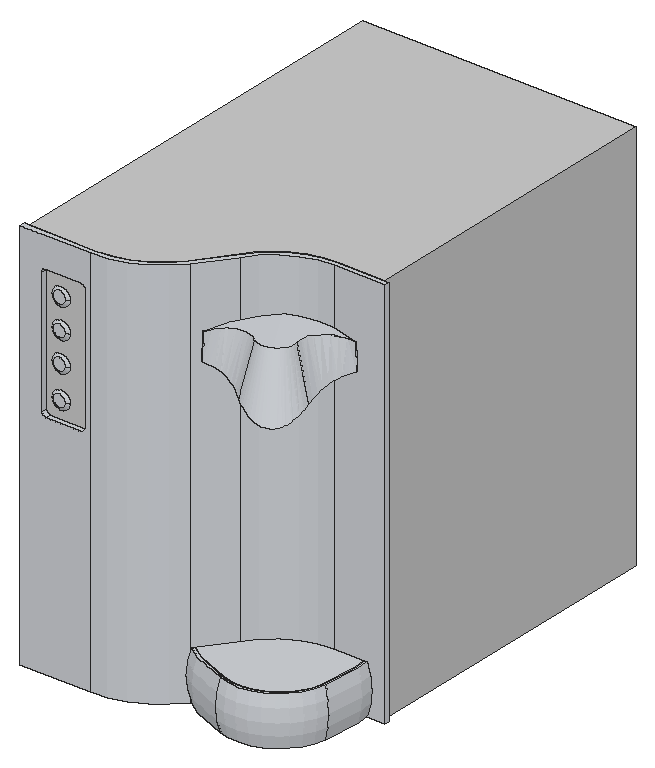
Revit family "DSWH160UVPC", category Plumbing Fixtures, Revit 2019
Family settings
  Round Connector Dimension = Use Diameter
  Part Type = Normal
  OmniClass Number = 23.45.00.00
  OmniClass Title = Sanitary, Laundry, and Cleaning Equipment
  Work Plane-Based = No
  Always vertical = Yes
  Cut with Voids When Loaded = No
  Shared = No
  Room Calculation Point = No
Parameters
  Volts/Herts = "115V/60Hz"
  Refrigerant Gas = "R134a"
  Power Consumption = "1350 W"
  Model = "DSWH160UVPC"
  Manufacturer = "ELKAY"
  Hot Water Tank Capacity = ".265 gallons"
  Heater Rating = "1000 W"
  Filters = "WSF6000R"
  Description = "BLUBAR COUNTERTOP"
  Cooling Capacity = "4.0 GPH"
  BODY = Metal - Stainless Steel
Reference planes
  plane 1 "Center (Front/Back)": y = 0
  plane 2: z = 0
  plane 3 "Center (Left/Right)": x = 0
Forms (mm)
  Extrusion 1, solid, material "Metal - Stainless Steel" <- "BODY"
    sketch origin (0, 0, 0) x (1, 0, 0) y (0, 1, 0)
      loop
        line (-158.75, 394.1) -> (-158.75, -91.675) -> (-82.55, -91.675)
        arc (-82.55, -91.675) -> (-38.676, -81.356) -> (-4.002, -52.56) r 98.425
        line (-4.002, -52.56) -> (32.388, -4.366)
        arc (32.388, -4.366) -> (64.927, 20.239) -> (104.775, 28.975) r 95.25
        line (104.775, 28.975) -> (158.75, 28.975) -> (158.75, 394.1) -> (-158.75, 394.1)
    from 9.525 to 466.725
  Extrusion 2, solid
    sketch origin (0, 0, 0) x (1, 0, 0) y (0, 1, 0)
      loop
        line (-82.55, -91.675) -> (-164.53, -91.675) -> (-164.53, -98.025) -> (-82.55, -98.025)
        arc (-82.55, -98.025) -> (-35.845, -87.04) -> (1.066, -56.387) r 104.775
        line (1.066, -56.387) -> (28.819, -19.632)
        arc (28.819, -19.632) -> (61.315, 11.35) -> (104.775, 22.625) r 89.394
        line (104.775, 22.625) -> (163.502, 22.625) -> (163.502, 28.975) -> (104.775, 28.975)
        arc (104.775, 28.975) -> (58.357, 16.97) -> (23.579, -16.033) r 95.744
        line (23.579, -16.033) -> (-4.002, -52.56)
        arc (-4.002, -52.56) -> (-38.676, -81.356) -> (-82.55, -91.675) r 98.425
    from 8.715 to 466.725
  Extrusion 3, solid
    sketch origin (0, 0, 0) x (1, 0, 0) y (0, 1, 0)
      loop
        circle (-120.65, 359.175) r 19.05
      loop
        circle (120.65, 359.175) r 19.05
      loop
        circle (-120.65, 92.475) r 19.05
      loop
        circle (120.65, 92.475) r 19.05
      loop
        circle (-26.357, -1.818) r 19.05
      loop
        circle (86.549, -35.03) r 19.05
    from 0 to 9.525
  Extrusion 4, void
    sketch origin (0, 0, 0) x (1, 0, 0) y (0, 0, 1)
      loop
        arc (-139.13, 281.598) -> (-137.735, 278.23) -> (-134.368, 276.835) r 4.763
        line (-134.368, 276.835) -> (-93.093, 276.835)
        arc (-93.093, 276.835) -> (-89.725, 278.23) -> (-88.33, 281.598) r 4.763
        line (-88.33, 281.598) -> (-88.33, 427.038)
        arc (-88.33, 427.038) -> (-89.725, 430.405) -> (-93.093, 431.8) r 4.763
        line (-93.093, 431.8) -> (-134.368, 431.8)
        arc (-134.368, 431.8) -> (-137.735, 430.405) -> (-139.13, 427.038) r 4.763
        line (-139.13, 427.038) -> (-139.13, 281.598)
    from 91.675 to 126.767
  Blend 5, solid
    base sketch origin (-83.096, -91.675, -1.055) x (-1, 0, 0) y (0, 0, 1)
      loop
        circle (38.654, 405.868) r 10.36
    top sketch origin (-83.096, -91.675, -1.055) x (-1, 0, 0) y (0, 0, 1)
      loop
        circle (38.654, 405.868) r 7.216
    from 0 to -2.34
  Blend 6, solid
    base sketch origin (-83.096, -91.675, -35.98) x (-1, 0, 0) y (0, 0, 1)
      loop
        circle (38.654, 405.868) r 10.36
    top sketch origin (-83.096, -91.675, -35.98) x (-1, 0, 0) y (0, 0, 1)
      loop
        circle (38.654, 405.868) r 7.216
    from 0 to -2.34
  Blend 7, solid
    base sketch origin (-83.096, -91.675, -70.905) x (-1, 0, 0) y (0, 0, 1)
      loop
        circle (38.654, 405.868) r 10.36
    top sketch origin (-83.096, -91.675, -70.905) x (-1, 0, 0) y (0, 0, 1)
      loop
        circle (38.654, 405.868) r 7.216
    from 0 to -2.34
  Blend 8, solid
    base sketch origin (-83.096, -91.675, -109.005) x (-1, 0, 0) y (0, 0, 1)
      loop
        circle (38.654, 405.868) r 10.36
    top sketch origin (-83.096, -91.675, -109.005) x (-1, 0, 0) y (0, 0, 1)
      loop
        circle (38.654, 405.868) r 7.216
    from 0 to -2.34
  Extrusion 9, solid
    sketch origin (0, 0, 21.415) x (1, 0, 0) y (0, 1, 0)
      loop
        arc (-45.985, -10.631) -> (1.532, -53.742) -> (59.303, -81.649) r 224.452
        arc (59.303, -81.649) -> (109.119, -75.782) -> (137.686, -34.552) r 60.985
        arc (137.686, -34.552) -> (140.168, 29.559) -> (124.411, 91.752) r 224.452
        line (124.411, 91.752) -> (-45.985, -10.631)
    from -11.89 to 45.26
  Sweep 10, solid
    path in 3D
      loop
        arc (124.411, 91.752, 66.675) -> (140.168, 29.559, 66.675) -> (137.686, -34.552, 66.675) r 224.452
        arc (137.686, -34.552, 66.675) -> (109.119, -75.782, 66.675) -> (59.303, -81.649, 66.675) r 60.985
        arc (59.303, -81.649, 66.675) -> (1.532, -53.742, 66.675) -> (-45.985, -10.631, 66.675) r 224.452
    profile origin (140.168, 29.559, 66.675) x (0.994522, 0.104528, 0) y (0, 0, 1)
      loop
        line (0, 0) -> (0, -57.15) -> (3.168, -57.15)
        arc (3.168, -57.15) -> (8.508, -28.575) -> (3.168, 0) r 79.134
        line (3.168, 0) -> (0, 0)
  Blend 11, solid
    base sketch origin (-377.137, -269.624, 315.759) x (0.857167, 0.515038, 0) y (-0.515038, 0.857167, 0)
      loop
        arc (442.871, -13.336) -> (461.324, -34.706) -> (474.865, -59.48) r 133.396
        arc (474.865, -59.48) -> (515.463, -84.29) -> (556.061, -59.48) r 45.621
        arc (556.061, -59.48) -> (569.602, -34.706) -> (588.055, -13.336) r 133.396
        arc (588.055, -13.336) -> (604.097, 12.451) -> (615.595, 40.561) r 180.728
        line (615.595, 40.561) -> (415.33, 40.561)
        arc (415.33, 40.561) -> (426.829, 12.451) -> (442.871, -13.336) r 180.728
    top sketch origin (-377.137, -269.624, 315.759) x (0.857167, 0.515038, 0) y (-0.515038, 0.857167, 0)
      loop
        arc (422.348, 60.556) -> (431.284, 23.545) -> (446.52, -11.348) r 218.102
        arc (446.52, -11.348) -> (477.614, -12.152) -> (498.245, -35.431) r 39.027
        arc (498.245, -35.431) -> (515.463, -47.926) -> (532.681, -35.431) r 18.111
        arc (532.681, -35.431) -> (553.312, -12.152) -> (584.406, -11.348) r 39.027
        arc (584.406, -11.348) -> (599.642, 23.545) -> (608.578, 60.556) r 218.102
        line (608.578, 60.556) -> (422.348, 60.556)
    from 0 to 96.483
  Extrusion 12, void
    sketch origin (-210.104, -154.339, -52.388) x (0.857167, 0.515038, 0) y (0, 0, 1)
      loop
        arc (218.525, 440.801) -> (312.912, 458.28) -> (407.298, 440.801) r 263.582
        line (407.298, 440.801) -> (421.725, 440.801) -> (421.725, 495.409) -> (199.475, 495.409) -> (199.475, 440.801) -> (218.525, 440.801)
    from -80.4 to 85.544
  Extrusion 13, void
    sketch origin (-210.104, -154.339, -25.375) x (0.857167, 0.515038, 0) y (0, 0, 1)
      loop
        line (199.936, 391.215) -> (199.936, 309.923) -> (425.887, 309.923) -> (425.887, 391.215)
        arc (425.887, 391.215) -> (377.864, 389.487) -> (334.536, 368.704) r 117.662
        arc (334.536, 368.704) -> (324.323, 363.373) -> (312.912, 361.796) r 33.682
        arc (312.912, 361.796) -> (301.5, 363.373) -> (291.287, 368.704) r 33.682
        arc (291.287, 368.704) -> (247.96, 389.487) -> (199.936, 391.215) r 117.662
    from -47.766 to 133.302
Cuts and joins
  Extrusion 4 cuts Extrusion 1
  Extrusion 4 cuts Extrusion 2
  Extrusion 12, Extrusion 13 cuts Blend 11
Lines and regions (mm)
  reference lines
    curve 1: line (0, 408.451, 0) -> (0, -442.449, 0)
    curve 2: line (0, 408.451, 9.525) -> (0, -442.449, 9.525)
    curve 3: line (-349.25, 0, 442.722) -> (361.95, 0, 442.722)
    curve 4: line (-59.652, 0, 399.542) -> (-59.652, 0, 609.092)
    curve 5: line (60.236, 0, 386.842) -> (60.236, 0, 609.092)
    curve 6: line (0, -74.149, 488.442) -> (0, -74.149, 551.942)
    curve 7: line (0, 408.451, 501.904) -> (0, -442.449, 501.904)
    curve 188: line (41.605, 34.297, 66.675) -> (103.744, -69.12, 66.675)
  model lines
    curve 8: line (-129.477, -91.675, 419.1) -> (-97.984, -91.675, 419.1)
    curve 9: line (-134.239, -91.675, 395.288) -> (-134.239, -91.675, 414.338)
    curve 10: line (-97.984, -91.675, 390.525) -> (-129.477, -91.675, 390.525)
    curve 11: line (-93.221, -91.675, 414.338) -> (-93.221, -91.675, 395.288)
    curve 12: arc (-134.239, -91.675, 414.338) -> (-132.845, -91.675, 417.705) -> (-129.477, -91.675, 419.1) r 4.763
    curve 13: arc (-97.984, -91.675, 419.1) -> (-94.616, -91.675, 417.705) -> (-93.221, -91.675, 414.338) r 4.763
    curve 14: arc (-129.477, -91.675, 390.525) -> (-132.845, -91.675, 391.92) -> (-134.239, -91.675, 395.288) r 4.763
    curve 15: arc (-93.221, -91.675, 395.288) -> (-94.616, -91.675, 391.92) -> (-97.984, -91.675, 390.525) r 4.763
    curve 16: line (-129.477, -91.675, 384.175) -> (-97.984, -91.675, 384.175)
    curve 17: line (-134.239, -91.675, 360.363) -> (-134.239, -91.675, 379.413)
    curve 18: line (-97.984, -91.675, 355.6) -> (-129.477, -91.675, 355.6)
    curve 19: line (-93.221, -91.675, 379.413) -> (-93.221, -91.675, 360.363)
    curve 20: arc (-134.239, -91.675, 379.413) -> (-132.845, -91.675, 382.78) -> (-129.477, -91.675, 384.175) r 4.763
    curve 21: arc (-97.984, -91.675, 384.175) -> (-94.616, -91.675, 382.78) -> (-93.221, -91.675, 379.413) r 4.763
    curve 22: arc (-129.477, -91.675, 355.6) -> (-132.845, -91.675, 356.995) -> (-134.239, -91.675, 360.363) r 4.763
    curve 23: arc (-93.221, -91.675, 360.363) -> (-94.616, -91.675, 356.995) -> (-97.984, -91.675, 355.6) r 4.763
    curve 24: line (-129.477, -91.675, 349.25) -> (-97.984, -91.675, 349.25)
    curve 25: line (-134.239, -91.675, 309.563) -> (-134.239, -91.675, 344.488)
    curve 26: line (-97.984, -91.675, 320.675) -> (-121.037, -91.675, 320.675)
    curve 27: line (-93.221, -91.675, 344.488) -> (-93.221, -91.675, 325.438)
    curve 28: arc (-134.239, -91.675, 344.488) -> (-132.845, -91.675, 347.855) -> (-129.477, -91.675, 349.25) r 4.763
    curve 29: arc (-97.984, -91.675, 349.25) -> (-94.616, -91.675, 347.855) -> (-93.221, -91.675, 344.488) r 4.763
    curve 30: arc (-93.221, -91.675, 325.438) -> (-94.616, -91.675, 322.07) -> (-97.984, -91.675, 320.675) r 4.763
    curve 31: line (-121.037, -91.675, 311.15) -> (-97.984, -91.675, 311.15)
    curve 32: line (-134.239, -91.675, 287.338) -> (-134.239, -91.675, 309.563)
    curve 33: line (-97.984, -91.675, 282.575) -> (-129.477, -91.675, 282.575)
    curve 34: line (-93.221, -91.675, 306.388) -> (-93.221, -91.675, 287.338)
    curve 35: arc (-97.984, -91.675, 311.15) -> (-94.616, -91.675, 309.755) -> (-93.221, -91.675, 306.388) r 4.763
    curve 36: arc (-129.477, -91.675, 282.575) -> (-132.845, -91.675, 283.97) -> (-134.239, -91.675, 287.338) r 4.763
    curve 37: arc (-93.221, -91.675, 287.338) -> (-94.616, -91.675, 283.97) -> (-97.984, -91.675, 282.575) r 4.763
    curve 38: line (-124.212, -91.675, 317.5) -> (-124.212, -91.675, 314.325)
    curve 39: line (-129.477, -91.675, 282.575) -> (-97.984, -91.675, 282.575)
    curve 40: arc (-121.037, -91.675, 320.675) -> (-123.282, -91.675, 319.745) -> (-124.212, -91.675, 317.5) r 3.175
    curve 41: arc (-124.212, -91.675, 314.325) -> (-123.282, -91.675, 312.08) -> (-121.037, -91.675, 311.15) r 3.175
    curve 42: line (-104.43, -91.675, 411.163) -> (-101.255, -91.675, 411.163)
    curve 43: line (-109.193, -91.675, 403.225) -> (-109.193, -91.675, 406.4)
    curve 44: line (-101.255, -91.675, 398.463) -> (-104.43, -91.675, 398.463)
    curve 45: line (-96.493, -91.675, 406.4) -> (-96.493, -91.675, 403.225)
    curve 46: arc (-109.193, -91.675, 406.4) -> (-107.798, -91.675, 409.768) -> (-104.43, -91.675, 411.163) r 4.763
    curve 47: arc (-101.255, -91.675, 411.163) -> (-97.888, -91.675, 409.768) -> (-96.493, -91.675, 406.4) r 4.763
    curve 48: arc (-104.43, -91.675, 398.463) -> (-107.798, -91.675, 399.857) -> (-109.193, -91.675, 403.225) r 4.763
    curve 49: arc (-96.493, -91.675, 403.225) -> (-97.888, -91.675, 399.857) -> (-101.255, -91.675, 398.463) r 4.763
    curve 50: line (-104.43, -91.675, 410.369) -> (-101.255, -91.675, 410.369)
    curve 51: arc (-108.399, -91.675, 406.4) -> (-107.236, -91.675, 409.206) -> (-104.43, -91.675, 410.369) r 3.969
    curve 52: line (-108.399, -91.675, 403.225) -> (-108.399, -91.675, 406.4)
    curve 53: arc (-104.43, -91.675, 399.256) -> (-107.236, -91.675, 400.419) -> (-108.399, -91.675, 403.225) r 3.969
    curve 54: line (-101.255, -91.675, 399.256) -> (-104.43, -91.675, 399.256)
    curve 55: arc (-97.286, -91.675, 403.225) -> (-98.449, -91.675, 400.419) -> (-101.255, -91.675, 399.256) r 3.969
    curve 56: line (-97.286, -91.675, 406.4) -> (-97.286, -91.675, 403.225)
    curve 57: arc (-101.255, -91.675, 410.369) -> (-98.449, -91.675, 409.206) -> (-97.286, -91.675, 406.4) r 3.969
    curve 58: line (-129.477, -91.675, 418.306) -> (-97.984, -91.675, 418.306)
    curve 59: arc (-133.446, -91.675, 414.338) -> (-132.283, -91.675, 417.144) -> (-129.477, -91.675, 418.306) r 3.969
    curve 60: line (-133.446, -91.675, 395.288) -> (-133.446, -91.675, 414.338)
    curve 61: arc (-129.477, -91.675, 391.319) -> (-132.283, -91.675, 392.481) -> (-133.446, -91.675, 395.288) r 3.969
    curve 62: line (-97.984, -91.675, 391.319) -> (-129.477, -91.675, 391.319)
    curve 63: arc (-94.015, -91.675, 395.288) -> (-95.177, -91.675, 392.481) -> (-97.984, -91.675, 391.319) r 3.969
    curve 64: line (-94.015, -91.675, 414.338) -> (-94.015, -91.675, 395.288)
    curve 65: arc (-97.984, -91.675, 418.306) -> (-95.177, -91.675, 417.144) -> (-94.015, -91.675, 414.338) r 3.969
    curve 66: line (-129.477, -91.675, 383.381) -> (-97.984, -91.675, 383.381)
    curve 67: arc (-133.446, -91.675, 379.413) -> (-132.283, -91.675, 382.219) -> (-129.477, -91.675, 383.381) r 3.969
    curve 68: line (-133.446, -91.675, 360.363) -> (-133.446, -91.675, 379.413)
    curve 69: arc (-129.477, -91.675, 356.394) -> (-132.283, -91.675, 357.556) -> (-133.446, -91.675, 360.363) r 3.969
    curve 70: line (-97.984, -91.675, 356.394) -> (-129.477, -91.675, 356.394)
    curve 71: arc (-94.015, -91.675, 360.363) -> (-95.177, -91.675, 357.556) -> (-97.984, -91.675, 356.394) r 3.969
    curve 72: line (-94.015, -91.675, 379.413) -> (-94.015, -91.675, 360.363)
    curve 73: arc (-97.984, -91.675, 383.381) -> (-95.177, -91.675, 382.219) -> (-94.015, -91.675, 379.413) r 3.969
    curve 74: line (-129.477, -91.675, 348.456) -> (-97.984, -91.675, 348.456)
    curve 75: arc (-133.446, -91.675, 344.488) -> (-132.283, -91.675, 347.294) -> (-129.477, -91.675, 348.456) r 3.969
    curve 76: line (-133.446, -91.675, 309.563) -> (-133.446, -91.675, 344.488)
    curve 77: arc (-97.984, -91.675, 348.456) -> (-95.177, -91.675, 347.294) -> (-94.015, -91.675, 344.488) r 3.969
    curve 78: line (-94.015, -91.675, 344.488) -> (-94.015, -91.675, 325.438)
    curve 79: arc (-94.015, -91.675, 325.438) -> (-95.177, -91.675, 322.631) -> (-97.984, -91.675, 321.469) r 3.969
    curve 80: line (-97.984, -91.675, 321.469) -> (-121.037, -91.675, 321.469)
    curve 81: arc (-121.037, -91.675, 321.469) -> (-123.844, -91.675, 320.306) -> (-125.006, -91.675, 317.5) r 3.969
    curve 82: line (-125.006, -91.675, 317.5) -> (-125.006, -91.675, 314.325)
    curve 83: arc (-125.006, -91.675, 314.325) -> (-123.844, -91.675, 311.519) -> (-121.037, -91.675, 310.356) r 3.969
    curve 84: line (-121.037, -91.675, 310.356) -> (-97.984, -91.675, 310.356)
    curve 85: arc (-97.984, -91.675, 310.356) -> (-95.177, -91.675, 309.194) -> (-94.015, -91.675, 306.388) r 3.969
    curve 86: line (-94.015, -91.675, 306.388) -> (-94.015, -91.675, 287.338)
    curve 87: arc (-94.015, -91.675, 287.338) -> (-95.177, -91.675, 284.531) -> (-97.984, -91.675, 283.369) r 3.969
    curve 88: line (-129.477, -91.675, 283.369) -> (-97.984, -91.675, 283.369)
    curve 89: line (-133.446, -91.675, 287.338) -> (-133.446, -91.675, 309.563)
    curve 90: arc (-129.477, -91.675, 283.369) -> (-132.283, -91.675, 284.531) -> (-133.446, -91.675, 287.338) r 3.969
    curve 91: line (-104.43, -91.675, 376.238) -> (-101.255, -91.675, 376.238)
    curve 92: line (-109.193, -91.675, 368.3) -> (-109.193, -91.675, 371.475)
    curve 93: line (-101.255, -91.675, 363.538) -> (-104.43, -91.675, 363.538)
    curve 94: line (-96.493, -91.675, 371.475) -> (-96.493, -91.675, 368.3)
    curve 95: arc (-109.193, -91.675, 371.475) -> (-107.798, -91.675, 374.843) -> (-104.43, -91.675, 376.238) r 4.763
    curve 96: arc (-101.255, -91.675, 376.238) -> (-97.888, -91.675, 374.843) -> (-96.493, -91.675, 371.475) r 4.763
    curve 97: arc (-104.43, -91.675, 363.538) -> (-107.798, -91.675, 364.932) -> (-109.193, -91.675, 368.3) r 4.763
    curve 98: arc (-96.493, -91.675, 368.3) -> (-97.888, -91.675, 364.932) -> (-101.255, -91.675, 363.538) r 4.763
    curve 99: line (-104.43, -91.675, 375.444) -> (-101.255, -91.675, 375.444)
    curve 100: arc (-108.399, -91.675, 371.475) -> (-107.236, -91.675, 374.281) -> (-104.43, -91.675, 375.444) r 3.969
    curve 101: line (-108.399, -91.675, 368.3) -> (-108.399, -91.675, 371.475)
    curve 102: arc (-104.43, -91.675, 364.331) -> (-107.236, -91.675, 365.494) -> (-108.399, -91.675, 368.3) r 3.969
    curve 103: line (-101.255, -91.675, 364.331) -> (-104.43, -91.675, 364.331)
    curve 104: arc (-97.286, -91.675, 368.3) -> (-98.449, -91.675, 365.494) -> (-101.255, -91.675, 364.331) r 3.969
    curve 105: line (-97.286, -91.675, 371.475) -> (-97.286, -91.675, 368.3)
    curve 106: arc (-101.255, -91.675, 375.444) -> (-98.449, -91.675, 374.281) -> (-97.286, -91.675, 371.475) r 3.969
    curve 107: line (-104.43, -91.675, 341.313) -> (-101.255, -91.675, 341.313)
    curve 108: line (-109.193, -91.675, 333.375) -> (-109.193, -91.675, 336.55)
    curve 109: line (-101.255, -91.675, 328.613) -> (-104.43, -91.675, 328.613)
    curve 110: line (-96.493, -91.675, 336.55) -> (-96.493, -91.675, 333.375)
    curve 111: arc (-109.193, -91.675, 336.55) -> (-107.798, -91.675, 339.918) -> (-104.43, -91.675, 341.313) r 4.763
    curve 112: arc (-101.255, -91.675, 341.313) -> (-97.888, -91.675, 339.918) -> (-96.493, -91.675, 336.55) r 4.763
    curve 113: arc (-104.43, -91.675, 328.613) -> (-107.798, -91.675, 330.007) -> (-109.193, -91.675, 333.375) r 4.763
    curve 114: arc (-96.493, -91.675, 333.375) -> (-97.888, -91.675, 330.007) -> (-101.255, -91.675, 328.613) r 4.763
    curve 115: line (-104.43, -91.675, 340.519) -> (-101.255, -91.675, 340.519)
    curve 116: arc (-108.399, -91.675, 336.55) -> (-107.236, -91.675, 339.356) -> (-104.43, -91.675, 340.519) r 3.969
    curve 117: line (-108.399, -91.675, 333.375) -> (-108.399, -91.675, 336.55)
    curve 118: arc (-104.43, -91.675, 329.406) -> (-107.236, -91.675, 330.569) -> (-108.399, -91.675, 333.375) r 3.969
    curve 119: line (-101.255, -91.675, 329.406) -> (-104.43, -91.675, 329.406)
    curve 120: arc (-97.286, -91.675, 333.375) -> (-98.449, -91.675, 330.569) -> (-101.255, -91.675, 329.406) r 3.969
    curve 121: line (-97.286, -91.675, 336.55) -> (-97.286, -91.675, 333.375)
    curve 122: arc (-101.255, -91.675, 340.519) -> (-98.449, -91.675, 339.356) -> (-97.286, -91.675, 336.55) r 3.969
    curve 123: line (-104.43, -91.675, 303.213) -> (-101.255, -91.675, 303.213)
    curve 124: line (-109.193, -91.675, 295.275) -> (-109.193, -91.675, 298.45)
    curve 125: line (-101.255, -91.675, 290.513) -> (-104.43, -91.675, 290.513)
    curve 126: line (-96.493, -91.675, 298.45) -> (-96.493, -91.675, 295.275)
    curve 127: arc (-109.193, -91.675, 298.45) -> (-107.798, -91.675, 301.818) -> (-104.43, -91.675, 303.213) r 4.763
    curve 128: arc (-101.255, -91.675, 303.213) -> (-97.888, -91.675, 301.818) -> (-96.493, -91.675, 298.45) r 4.763
    curve 129: arc (-104.43, -91.675, 290.513) -> (-107.798, -91.675, 291.907) -> (-109.193, -91.675, 295.275) r 4.763
    curve 130: arc (-96.493, -91.675, 295.275) -> (-97.888, -91.675, 291.907) -> (-101.255, -91.675, 290.513) r 4.763
    curve 131: line (-104.43, -91.675, 302.419) -> (-101.255, -91.675, 302.419)
    curve 132: arc (-108.399, -91.675, 298.45) -> (-107.236, -91.675, 301.256) -> (-104.43, -91.675, 302.419) r 3.969
    curve 133: line (-108.399, -91.675, 295.275) -> (-108.399, -91.675, 298.45)
    curve 134: arc (-104.43, -91.675, 291.306) -> (-107.236, -91.675, 292.469) -> (-108.399, -91.675, 295.275) r 3.969
    curve 135: line (-101.255, -91.675, 291.306) -> (-104.43, -91.675, 291.306)
    curve 136: arc (-97.286, -91.675, 295.275) -> (-98.449, -91.675, 292.469) -> (-101.255, -91.675, 291.306) r 3.969
    curve 137: line (-97.286, -91.675, 298.45) -> (-97.286, -91.675, 295.275)
    curve 138: arc (-101.255, -91.675, 302.419) -> (-98.449, -91.675, 301.256) -> (-97.286, -91.675, 298.45) r 3.969
    curve 142: circle (117.014, 6.312, 66.675) r 4.333 normal (0, 0, 1)
    curve 143: circle (100.911, 0, 66.675) r 8.37 normal (0, 0, 1)
    curve 144: circle (113.346, -9.758, 66.675) r 4.926 normal (0, 0, 1)
    curve 145: circle (88.788, -16.551, 66.675) r 4.516 normal (0, 0, 1)
    curve 146: circle (100.238, -22.195, 66.675) r 6.35 normal (0, 0, 1)
    curve 147: circle (71.332, -18.253, 66.675) r 6.35 normal (0, 0, 1)
    curve 148: circle (77.278, 0, 66.675) r 6.35 normal (0, 0, 1)
    curve 149: circle (80.272, -30.095, 66.675) r 6.35 normal (0, 0, 1)
    curve 150: circle (59.676, -29.239, 66.675) r 6.35 normal (0, 0, 1)
    curve 151: circle (43.483, -31.135, 66.675) r 1.831 normal (0, 0, 1)
    curve 152: circle (54.52, -39.758, 66.675) r 3.695 normal (0, 0, 1)
    curve 153: circle (69.384, -36.625, 66.675) r 4.105 normal (0, 0, 1)
    curve 154: circle (59.936, -6.857, 66.675) r 3.695 normal (0, 0, 1)
    curve 155: circle (107.092, -41.821, 66.675) r 6.35 normal (0, 0, 1)
    curve 156: circle (85.503, -42.294, 66.675) r 6.35 normal (0, 0, 1)
    curve 157: circle (98.88, -33.609, 66.675) r 3.695 normal (0, 0, 1)
    curve 158: circle (117.539, -22.66, 66.675) r 6.35 normal (0, 0, 1)
    curve 159: circle (128.018, -1.789, 66.675) r 6.35 normal (0, 0, 1)
    curve 160: circle (66.207, -50.864, 66.675) r 6.35 normal (0, 0, 1)
    curve 161: circle (47.59, -53.727, 66.675) r 6.35 normal (0, 0, 1)
    curve 162: circle (33.225, -48.652, 66.675) r 6.35 normal (0, 0, 1)
    curve 163: circle (83.968, -59.917, 66.675) r 6.35 normal (0, 0, 1)
    curve 164: circle (99.961, -57.332, 66.675) r 6.35 normal (0, 0, 1)
    curve 165: circle (124.581, -38.41, 66.675) r 6.35 normal (0, 0, 1)
    curve 166: circle (67.865, -65.294, 66.675) r 6.35 normal (0, 0, 1)
    curve 167: circle (79.785, -73.15, 66.675) r 4.926 normal (0, 0, 1)
    curve 168: circle (93.108, -70.218, 66.675) r 6.35 normal (0, 0, 1)
    curve 169: circle (116.264, -50.413, 66.675) r 4.926 normal (0, 0, 1)
    curve 170: circle (108.619, -63.087, 66.675) r 2.463 normal (0, 0, 1)
    curve 171: circle (110.176, 14.892, 66.675) r 3.284 normal (0, 0, 1)
    curve 172: circle (124.203, -13.649, 66.675) r 3.284 normal (0, 0, 1)
    curve 173: circle (128.138, -25.132, 66.675) r 3.695 normal (0, 0, 1)
    curve 174: circle (108.796, -28.891, 66.675) r 2.485 normal (0, 0, 1)
    curve 175: circle (97.401, -41.59, 66.675) r 1.952 normal (0, 0, 1)
    curve 176: circle (92.98, -47.46, 66.675) r 2.307 normal (0, 0, 1)
    curve 177: circle (91.651, -30.82, 66.675) r 3.017 normal (0, 0, 1)
    curve 178: circle (80.953, -11.087, 66.675) r 2.485 normal (0, 0, 1)
    curve 179: circle (97.983, -11.301, 66.675) r 2.662 normal (0, 0, 1)
    curve 180: circle (112.866, -0.331, 66.675) r 1.952 normal (0, 0, 1)
    curve 181: circle (89.266, -5.093, 66.675) r 2.662 normal (0, 0, 1)
    curve 182: circle (70.39, -27.882, 66.675) r 2.307 normal (0, 0, 1)
    curve 183: circle (76.493, -40.762, 66.675) r 2.307 normal (0, 0, 1)
    curve 184: circle (78.616, -50.666, 66.675) r 3.017 normal (0, 0, 1)
    curve 185: circle (61.337, -16.068, 66.675) r 2.307 normal (0, 0, 1)
    curve 186: circle (45.575, -38.206, 66.675) r 4.259 normal (0, 0, 1)
    curve 187: circle (50.041, -23.596, 66.675) r 4.259 normal (0, 0, 1)
  sketch lines
    curve 139: arc (124.411, 91.752, 66.675) -> (140.168, 29.559, 66.675) -> (137.686, -34.552, 66.675) r 224.452
    curve 140: arc (137.686, -34.552, 66.675) -> (109.119, -75.782, 66.675) -> (59.303, -81.649, 66.675) r 60.985
    curve 141: arc (59.303, -81.649, 66.675) -> (1.532, -53.742, 66.675) -> (-45.985, -10.631, 66.675) r 224.452
Connectors
  piping at (16.385, 394.1, 136.831), diameter 9.525
    settings: on Extrusion 1, index 1, connector inside diameter 3/8", connector length 0' - 0", flow factor 0, pipe flow 0 GPM, pressure drop 0.00 psi, fitting loss kfactor 0, connector angle 0.00°, fixture units 0, engagement length 0' - 0", angle of deflection 0.00°, flow configuration 0, flow direction 0, fitting loss method 0, system type 20, joint type 0, gender type 0, connector reference index -1, connector utility 1, adjustable connector no, is connector primary yes, connector description ""
  electrical at (-56.598, 394.1, 85.716)
    settings: on Extrusion 1, index 2, voltage 0 V, apparent load 0 VA, apparent load phase1 0 VA, apparent load phase2 0 VA, apparent load phase3 0 VA, power factor 1, load classification "Other", number of poles 1, system type 30, power factor state 1, is connector primary yes, connector utility no, sub classification motor no, connector description ""
